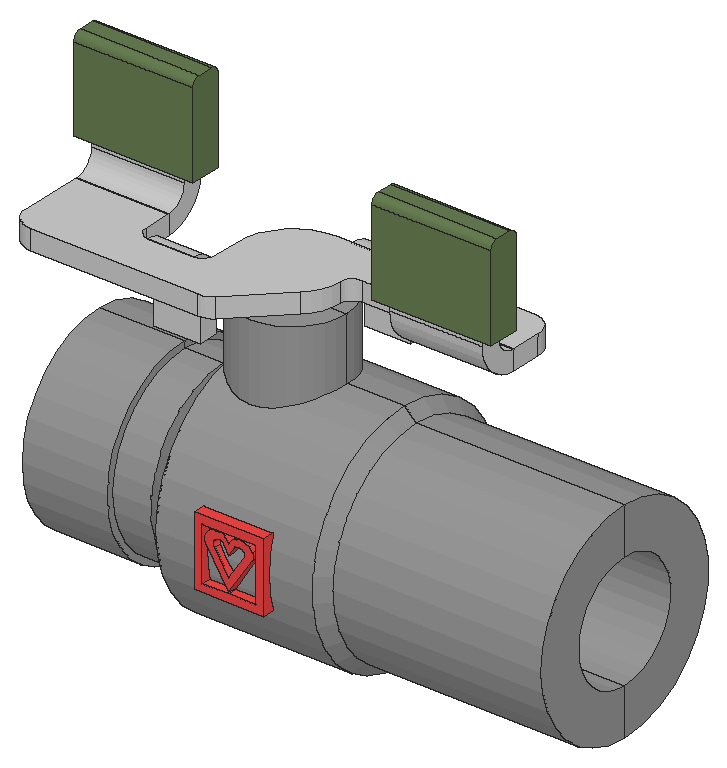
Revit family "HERZ Ball Valve With Butterfly Handle And Check Valve 2110", category Rohrzubehör, Revit 2020
Family settings
  Bemaßung runder Anschluss = Durchmesser verwenden
  Teiletyp = Unterbricht
  OmniClass-Nummer = 23.65.55.14
  OmniClass-Titel = Valves for Liquid Services
  Arbeitsebenenbasiert = Nein
  Immer vertikal = Ja
  Beim Laden mit Abzugskörper schneiden = Nein
  Gemeinsam genutzt = Nein
Parameters
  W01 = 45.00°  # constant formula
  Vorgabe-Ansicht = 0.000 mm
  URL = "www.herzvalves.com"
  Spindle seals = "EPDM"  # constant formula
  Spindle = "machined brass acc. to EB 12164, CW614N"  # constant formula
  SC_NennweiteBerechnet = 0
  SC_Dimension = ""
  SCTWSEQ = "FW;SBT_TYP_FW=\"102\";2"
  SCTWCODE = "04;04;02"  # constant formula
  S04 = 5.000 mm  # constant formula
  S03 [instance] = D04 - 2.000 mm  # 11.500 mm
  S02 [instance] = L01 + 4.500 mm  # 38.500 mm
  S01 [instance] = D04 * 2  # 27.000 mm
  R01 = 7.000 mm  # constant formula
  Part number [instance] = size_lookup("2110_0X_", "Artnr", 0, Nennweite)  # 2211001
  Note = "Pursuant to Article 33 of the REACH Regulation (EC No. 1907/2006), we are obliged to point out that the material lead is listed on the SVHC list and that all brass components manufactured in our products exceed 0.1% (w / w) lead (CAS: 7439-92-1 / EINECS: 231-100-4).\r\nSince lead is a component part of an alloy, actual exposure is not possible and therefore no additional information on safe use is necessary."
  Min. operating temperature (water) = 0.5 °C  # constant formula
  Min. operating temperature = -10 °C  # constant formula
  Medium = "potable water"  # constant formula
  Max. operating temperature = 85 °C  # constant formula
  Max. operating pressure = 2500000.0 Pa  # constant formula
  Check valve O-Ring = "silicon"  # constant formula
  Nennweite [instance] = 15.000 mm
  L05 [instance] = size_lookup("2110_0X_", "L5", 1.000 mm, Nennweite)  # 25.000 mm
  L04 [instance] = size_lookup("2110_0X_", "L4", 1.000 mm, Nennweite)  # 27.000 mm
  L03 = 5.000 mm  # constant formula
  L02 [instance] = size_lookup("2110_0X_", "L2", 1.000 mm, Nennweite)  # 11.000 mm
  L01 [instance] = size_lookup("2110_0X_", "L1", 1.000 mm, Nennweite)  # 34.000 mm
  IG [instance] = Nennweite / 2  # 7.500 mm
  Hersteller = "HERZ Armaturen Ges.m.b.H."  # constant formula
  Handle = "butterfly handle, green, steel sheet - Zn. plated"  # constant formula
  H01 [instance] = size_lookup("2110_0X_", "H1", 1.000 mm, Nennweite)  # 23.000 mm
  Thread = "acc. to ISO 228"  # constant formula
  Check valve body = "POM"  # constant formula
  GT [instance] = size_lookup("2110_0X_", "GT", 1.000 mm, Nennweite)  # 10.000 mm
  DN15-DN20 [instance] = if(Nennweite = 15.000 mm, 42.000 mm, 46.000 mm)  # 42.000 mm
  D04 [instance] = size_lookup("2110_0X_", "D4", 1.000 mm, Nennweite)  # 13.500 mm
  D03 [instance] = size_lookup("2110_0X_", "D3", 1.000 mm, Nennweite)  # 15.000 mm
  D02 [instance] = size_lookup("2110_0X_", "D2", 1.000 mm, Nennweite)  # 11.700 mm
  D01 [instance] = size_lookup("2110_0X_", "D1", 1.000 mm, Nennweite)  # 12.500 mm
  Body = "forged brass acc. to EN 12165, nickel plated, CW626N DZR"  # constant formula
  Ball seals = "PTFE"  # constant formula
  Ball = "forged brass acc. to EN 12165, full bore, hollow, hard chrome plated, CW626N DZR"  # constant formula
  Application = "HERZ ball valve with check valve is used as a shut-off valve.\r\nThe valve is used in system with potable water.\r\nBall valves are used when the flow of the medium has to be reilably closed.\r\nCheck valve has a function of a back-flow preventer."
Reference planes
  plane 1 "Mitte (Vorne/hinten)": y = 0
  plane 2: z = 0
  plane 3 "Mitte (Links/rechts)": x = 0
Forms (mm)
  Revolve 1, solid, material "Messing, weicher Gelbton, geschweißt", detail levels fine
    sketch origin (0, 0, 0) x (1, 0, 0) y (0, 0, 1)
      loop
        line (-24, 0) -> (24, 0) -> (24, 7.5) -> (34, 7.5) -> (34, 13.5) -> (7, 13.5) -> (5.5, 15) -> (-14.7, 15) -> (-18, 11.7) -> (-23, 11.7) -> (-23, 12.5) -> (-34, 12.5) -> (-34, 7.5) -> (-24, 7.5) -> (-24, 0)
      axis (-34, 0) -> (34, 0)
    angle from 0 to 360
  Revolve 2, solid, material "Messing, weicher Gelbton, geschweißt", detail levels fine
    sketch origin (0, 0, 0) x (1, 0, 0) y (0, 0, 1)
      loop
        line (-5.588, 0) -> (-5.588, 8) -> (-2, 8) -> (-2, 23) -> (-9, 23) -> (-9, 0) -> (-5.588, 0)
      axis (-9, 0) -> (-9, 23)
    angle from 0 to 360
Lines and regions (mm)
  model lines, detail levels coarse+medium
    curve 1: line (-34, 0, 13.5) -> (-34, 0, -13.5)
    curve 2: line (-34, 0, -13.5) -> (4.5, 0, 13.5)
    curve 3: line (4.5, 0, 13.5) -> (4.5, 0, -13.5)
    curve 4: line (4.5, 0, -13.5) -> (-34, 0, 13.5)
    curve 5: circle (-14.75, 0, 0) r 11.5 normal (0, -1, 0)
    curve 6: line (4.5, 0, 13.5) -> (34, 0, -13.5)
    curve 7: line (34, 0, -13.5) -> (34, 0, 13.5)
    curve 8: circle (4.5, 0, 13.5) r 5 normal (0, -1, 0)
    curve 9: line (-34, 13.5, 0) -> (-34, -13.5, 0)
    curve 10: line (-34, -13.5, 0) -> (4.5, 13.5, 0)
    curve 11: line (4.5, 13.5, 0) -> (4.5, -13.5, 0)
    curve 12: line (4.5, -13.5, 0) -> (-34, 13.5, 0)
    curve 13: line (4.5, 13.5, 0) -> (34, -13.5, 0)
    curve 14: line (34, -13.5, 0) -> (34, 13.5, 0)
    curve 15: circle (4.5, 13.5, 0) r 5 normal (0, 0, 1)
    curve 16: circle (-14.75, 0, 0) r 11.5 normal (0, 0, 1)
Dimensions and locks
  "L01": plane 3 "Mitte (Links/rechts)" to Revolve 1 sketch curve
  "L01": Revolve 1 sketch curve to plane 3 "Mitte (Links/rechts)"
  "L02": Revolve 1 sketch curve to Revolve 1 sketch curve
  "L03": Revolve 1 sketch curve to Revolve 1 sketch curve
  "D01": Revolve 1 sketch curve to plane 2
  "D02": Revolve 1 sketch curve to plane 2
  "D03": Revolve 1 sketch curve to plane 2
  "L04": Revolve 1 sketch curve to Revolve 1 sketch curve
  "D04": Revolve 1 sketch curve to plane 2
  "GT": Revolve 1 sketch curve to Revolve 1 sketch curve  (x2)
  "IG": Revolve 1 sketch curve to plane 2  (x2)
  "L05": Revolve 1 to Revolve 2 sketch curve  (x2)
  "H01": Revolve 2 sketch curve to plane 2
  "R01": Revolve 2 sketch curve to Revolve 2 sketch curve
  Revolve 2 sketch curve to plane 2 = 8.000 mm
  equal spacing: Revolve 1, nested 1, Revolve 1
  "D03": nested 1 to plane 1 "Mitte (Vorne/hinten)"
  equal spacing: curve 4, plane 2, curve 2
  "S01": curve 4 to curve 2
  "L01": plane 3 "Mitte (Links/rechts)" to curve 1
  equal spacing: curve 3, plane 2, curve 4
  "S01": curve 4 to curve 3
  "S02": curve 1 to curve 3
  equal spacing: curve 1, curve 5, curve 3
  "S02": curve 1 to curve 8
  "L01": curve 7 to plane 3 "Mitte (Links/rechts)"
  equal spacing: curve 7, plane 2, curve 7
  "S01": curve 7 to curve 7
  equal spacing: curve 10, plane 1 "Mitte (Vorne/hinten)", curve 12
  equal spacing: curve 12, plane 1 "Mitte (Vorne/hinten)", curve 13
  equal spacing: curve 14, plane 1 "Mitte (Vorne/hinten)", curve 14
  "L01": curve 9 to plane 3 "Mitte (Links/rechts)"
  "S02": curve 9 to curve 11
  "S02": curve 9 to curve 15
  "L01": plane 3 "Mitte (Links/rechts)" to curve 14
  "S01": curve 12 to curve 9
  "S01": curve 13 to curve 12
  "S01": curve 14 to curve 14
  equal spacing: curve 9, curve 16, curve 11
  "L05": Revolve 1 to nested 2
  "DN15-DN20": nested 2 to plane 2
  "S03": radius of curve 5
  "S04": radius of curve 8
  "S04": radius of curve 15
  "S03": radius of curve 16
  "W01": angle Revolve 1 sketch curve to Revolve 1 sketch curve  (x2)
  aligned and locked: level to plane 2
Automatic sketch dimensions
  curve 5 to level = 0.000 mm
  curve 8 to curve 2 = 0.000 mm
  plane 1 "Mitte (Vorne/hinten)" to curve 16 = 0.000 mm
  curve 15 to curve 10 = 0.000 mm
  Revolve 1 sketch curve to level = 0.000 mm  (x2)
  Revolve 1 sketch curve to Revolve 1 sketch curve = 1490.843 mm
  Revolve 1 sketch curve to Revolve 1 sketch curve = 1823.461 mm
  Revolve 2 sketch curve to level = 0.000 mm  (x2)
  Revolve 2 sketch curve to Revolve 2 sketch curve = 3.588 mm
  Revolve 2 sketch curve to Revolve 2 sketch curve = 0.000 mm
Nested families
  nested 1: "Herz-Logo-vorne" at (-4.6, -15, 0) x (0, 1, 0) z (0, 0, 1), type "Herz-Logo-vorne", detail levels fine
  nested 2: "Flügelgriff (Grün) DN15-DN20" at (-9, 0, 24), type "Flügelgriff (Grün) DN15-DN20"
Connectors
  piping at (-24, 0, 0), diameter 15, driven by "Nennweite"
    settings: on Revolve 1, index 1, connector inside diameter 609.6 mm, connector length 0.000 mm, flow factor 0, pipe flow 0.0 L/s, pressure drop 0.0 Pa, fitting loss kfactor 0, connector angle 0.00°, fixture units 0, engagement length 0.000 mm, angle of deflection 0.00°, flow configuration 0, flow direction 1, fitting loss method 0, system type 29, joint type 0, gender type 0, connector reference index -1, connector utility 0, adjustable connector no, is connector primary yes, connector description ""
  piping at (24, 0, 0), diameter 15, driven by "Nennweite"
    settings: on Revolve 1, index 2, connector inside diameter 609.6 mm, connector length 0.000 mm, flow factor 0, pipe flow 0.0 L/s, pressure drop 0.0 Pa, fitting loss kfactor 0, connector angle 0.00°, fixture units 0, engagement length 0.000 mm, angle of deflection 0.00°, flow configuration 0, flow direction 2, fitting loss method 0, system type 29, joint type 0, gender type 0, connector reference index -1, connector utility 0, adjustable connector no, is connector primary no, connector description ""
Definition of nested family "Herz-Logo-vorne"
  Parameters (values of type "Herz-Logo-vorne")
    Default Elevation = 0.000 mm
  Reference planes
    plane 1 "Mitte (Vorne/hinten)": y = 0
    plane 2: z = 0
    plane 3 "Mitte (Links/rechts)": x = 0
  Forms (mm)
    Extrusion 1, solid
      sketch origin (0.732, -0.018, 0.017) x (0, -1, 0) y (0, 0, 1)
        loop
          line (-0.018, -4.517) -> (4.482, -4.517) -> (4.482, 4.483) -> (-4.518, 4.483) -> (-4.518, -4.517) -> (-0.018, -4.517)
        loop
          line (-0.05, -3.48) -> (3.482, -3.48) -> (3.482, 3.483) -> (-3.518, 3.483) -> (-3.518, -3.48) -> (-0.05, -3.48)
        loop
          arc (-0.018, 2.383) -> (-1.543, 3.287) -> (-3.067, 2.383) r 1.738
          arc (-3.067, 2.383) -> (-3.191, 1.899) -> (-3.067, 1.415) r 1.009
          line (-3.067, 1.415) -> (-0.018, -3.281) -> (3.032, 1.415)
          arc (3.032, 1.415) -> (3.156, 1.899) -> (3.032, 2.383) r 1.009
          arc (3.032, 2.383) -> (1.507, 3.287) -> (-0.018, 2.383) r 1.738
        loop
          arc (1.885, 1.272) -> (2.005, 1.675) -> (1.885, 2.079) r 0.74
          arc (1.885, 2.079) -> (1.265, 2.416) -> (0.644, 2.079) r 0.74
          line (0.644, 2.079) -> (-0.018, 0.97) -> (-0.679, 2.079)
          arc (-0.679, 2.079) -> (-1.3, 2.416) -> (-1.921, 2.079) r 0.74
          arc (-1.921, 2.079) -> (-2.04, 1.675) -> (-1.921, 1.272) r 0.74
          line (-1.921, 1.272) -> (-0.018, -1.658) -> (1.885, 1.272)
      from 0 to 1.5
  Dimensions and locks
    aligned and locked: level to plane 2
Definition of nested family "Flügelgriff (Grün) DN15-DN20"
  Parameters (values of type "Flügelgriff (Grün) DN15-DN20")
    Default Elevation = 0.000 mm
  Reference planes
    plane 1 "Mitte (Vorne/hinten)": y = 0
    plane 2: z = 0
    plane 3 "Mitte (Links/rechts)": x = 0
  Forms (mm)
    Extrusion 1, solid, detail levels fine
      sketch origin (0, 0, 0) x (1, 0, 0) y (0, 1, 0)
        loop
          line (-7, 0) -> (-7, -3.8)
          arc (-7, -3.8) -> (-7.439, -4.861) -> (-8.5, -5.3) r 1.5
          line (-8.5, -5.3) -> (-14.5, -5.3)
          arc (-14.5, -5.3) -> (-15.561, -4.861) -> (-16, -3.8) r 1.5
          line (-16, -3.8) -> (-16, 0) -> (-28, 0) -> (-28, -8.1)
          arc (-28, -8.1) -> (-27.121, -10.221) -> (-25, -11.1) r 3
          line (-25, -11.1) -> (-3.453, -11.1)
          arc (-3.453, -11.1) -> (-2.496, -10.91) -> (-1.685, -10.368) r 2.5
          line (-1.685, -10.368) -> (4.443, -4.24)
          arc (4.443, -4.24) -> (5.743, -2.295) -> (6.2, 0) r 6
          arc (6.2, 0) -> (6.64, 1.06) -> (7.7, 1.499) r 1.5
          line (7.7, 1.499) -> (15.1, 1.499)
          arc (15.1, 1.499) -> (16.16, 1.06) -> (16.6, 0) r 1.5
          line (16.6, 0) -> (28.6, 0) -> (28.6, 4)
          arc (28.6, 4) -> (27.721, 6.121) -> (25.6, 7) r 3
          line (25.6, 7) -> (0, 7)
          arc (0, 7) -> (-4.95, 4.95) -> (-7, 0) r 7
      from 0 to 2.5
    Extrusion 2, solid, detail levels fine
      sketch origin (0, 0, 0) x (0, 1, 0) y (0, 0, 1)
        loop
          arc (2.5, 5) -> (1.768, 3.232) -> (0, 2.5) r 2.5
          line (0, 2.5) -> (0, 0)
          arc (0, 0) -> (3.536, 1.464) -> (5, 5) r 5
          line (5, 5) -> (5, 6) -> (2.5, 6) -> (2.5, 5)
      from -28 to -16
    Extrusion 3, solid, detail levels fine
      sketch origin (0, 5.3, 0) x (0, 1, 0) y (0, 0, 1)
        loop
          line (-7.8, 5) -> (-7.8, 6) -> (-10.3, 6) -> (-10.3, 5)
          arc (-10.3, 5) -> (-8.836, 1.464) -> (-5.3, 0) r 5
          line (-5.3, 0) -> (-5.3, 2.5)
          arc (-5.3, 2.5) -> (-7.068, 3.232) -> (-7.8, 5) r 2.5
      from 16.6 to 28.6
    Extrusion 4, solid, detail levels fine
      sketch origin (0, 0, 0) x (0, 1, 0) y (0, 0, 1)
        loop
          line (5.75, 6) -> (5.75, 17.041)
          arc (5.75, 17.041) -> (5.469, 17.719) -> (4.791, 18) r 0.959
          line (4.791, 18) -> (2.773, 18)
          arc (2.773, 18) -> (2.05, 17.7) -> (1.75, 16.977) r 1.023
          line (1.75, 16.977) -> (1.75, 6) -> (5.75, 6)
      from -29.7 to -14.3
    Extrusion 5, solid, detail levels fine
      sketch origin (0, 0, 0) x (0, 1, 0) y (0, 0, 1)
        loop
          line (-5.75, 6) -> (-1.75, 6) -> (-1.75, 17)
          arc (-1.75, 17) -> (-2.043, 17.707) -> (-2.75, 18) r 1
          line (-2.75, 18) -> (-4.75, 18)
          arc (-4.75, 18) -> (-5.457, 17.707) -> (-5.75, 17) r 1
          line (-5.75, 17) -> (-5.75, 6)
      from 30.3 to 14.9
    Extrusion 6, solid, detail levels fine
      sketch origin (0, 0, 0) x (0, 1, 0) y (0, 0, 1)
        loop
          line (9, -2) -> (9, -8) -> (11.5, -8) -> (11.5, -2)
          arc (11.5, -2) -> (10.182, 1.182) -> (7, 2.5) r 4.5
          line (7, 2.5) -> (7, 0)
          arc (7, 0) -> (8.414, -0.586) -> (9, -2) r 2
      from 8.1 to 2.1
    Extrusion 7, solid, detail levels fine
      sketch origin (0, 0, 0) x (0, 1, 0) y (0, 0, 1)
        loop
          line (-4.3, -1) -> (-4.3, -8) -> (-1.8, -8) -> (-1.8, -1)
          arc (-1.8, -1) -> (-2.825, 1.475) -> (-5.3, 2.5) r 3.5
          line (-5.3, 2.5) -> (-5.3, 0)
          arc (-5.3, 0) -> (-4.593, -0.293) -> (-4.3, -1) r 1
      from -14.5 to -8.5
  Dimensions and locks
    aligned and locked: level to plane 2
